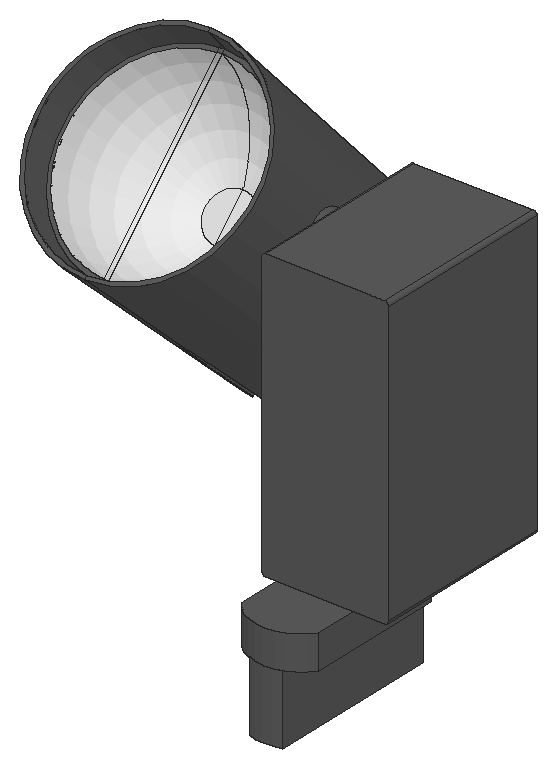
Revit family "0004950 Feilo Sylvania Lighting Fixture START TRACK SPOT S DALI 2087LM 940 WB BLK", category Lighting Fixtures, host Face, Revit 2017
Family settings
  Host = Face
  Round Connector Dimension = Use Diameter
  Part Type = Normal
  OmniClass Number = 23.80.70.00
  OmniClass Title = Lighting
  Cut with Voids When Loaded = No
  Light Source = No
  Shared = No
  Room Calculation Point = No
Parameters (values of type "0004950 START TRACK SPOT S DALI 2087LM 940 WB BLK")
  Weight = "0.966 kg"
  Wattage Comments = ""
  WarrantyStartDate [instance] = "n/a"
  WarrantyGuarantorParts = "n/a"
  WarrantyDurationUnit = "n/a"
  WarrantyDurationParts = "n/a"
  WarrantyDescription = "n/a"
  Voltage = 230 V
  URL = "http://www.sylvania-lighting.com/"
  TypeName = "START TRACK SPOT S DALI 2087LM 940 WB BLK"
  TypeHead_FEILO = Start Track Spot Head : 0004900 START TRACK SPOT S 24W 4K RA90 WB BLACK
  TypeBox_FEILO = Start Track Spot Box : Type Small Black
  Type Image = <None>
  Type Comments = "n/a"
  VerticalRotation_FEILO [instance] = 0.00°
  SlideEndAngle_FEILO [instance] = VerticalRotation_FEILO + 180.00°  # 180.00°
  SerialNumber [instance] = "n/a"
  Material_3_FEILO = none
  PowerFactor = 0.95
  PowerConsumption = "24 W"
  NominalLength = 0 mm
  NominalHeight = 200 mm
  NominalDepth = 140 mm
  Name = "START TRACK SPOT S DALI 2087LM 940 WB BLK"
  ModelReference = Name  # "START TRACK SPOT S DALI 2087LM 940 WB BLK"
  ModelNumber = "0004950"
  Model = Name  # "START TRACK SPOT S DALI 2087LM 940 WB BLK"
  Material = "adc12 aluminium housing, polycarbonate diffuser"
  ManufacturerName = "Feilo Sylvania"
  Manufacturer = "Feilo Sylvania"
  LuminousEfficacy = "87 lm/W"
  LuminaireType = ""
  LightOutputRatio = "100"
  LampsType = Lamp  # "LED"
  LampNominalLuminous = "2087 lm"
  LampMacAdamStep = "3"
  LampColourTemperature = "4000 K"
  LampColourRenderingIndex = "90"
  Lamp = "LED"
  Keynote = "16500"
  InstallationDate [instance] = "n/a"
  InputVoltage = "230-240V~"
  InputNominalFrequency = "50/60 Hz"
  IngressProtection = "IP20"
  ImpactProtectionIndex = "IK02"
  IfcExportType = "IfcLightFixtureType"
  IfcExportAs = "IfcLightFixtureType"
  HorizontalRotation_FEILO [instance] = 45.00°
  ExpectedLife = 50000
  ElectricShockClassification = "Class II"
  DurationUnit = "hours"
  DocumentationLiterature = "http://www.sylvania-lighting.com/product/en-int/products/0004900"
  DimmingControlOptions = "Dimmable"
  Material_2_FEILO = none
  Description = "Integrated LED spotlight, Textured Black - RAL9005, compact and minimalist design, ideal for retail applications, die-cast aluminium body, passive cooling heatsink. Beam angle: 64°, color temperature: 4000K , total system power: 24W, total fixture output: 2087 lm, LOR: 100%, colour rendering: Ra: 90 typical, LED Chromaticity: 3 step MacAdam ellipse, lifetime: >50000 hours at L70B50, energy class: A++, A+, A, IR/UV free light source without heat radiation, operating voltage: 220-240V / 50-60Hz, drive current: 600mA, electronic driver, non-dimmable, power factor: 0.95, electrical protection: Class II, Global Track 3 Phase adapter suitable for Global trac 3-circuit tracks, ingress protection rating: IP20, suitable for internal environment only, horizontal rotation: 355°, vertical tilt: 90°, dimensions: Ø86x140x200, weight: 0.966kg."
  Default Elevation = 1219.2 mm
  CreatedOn = "04/26/2018"
  CreatedBy = ""
  Cost = 0
  built-in parameter 1114216 [instance] = (empty or 0)
  ClassificationValue = "EF_70_80"
  ClassificationName = "Uniclass2015"
  Material_1_FEILO = Body-Sylvania-StartTrackSpot-Black
  BarCode [instance] = "n/a"
  AssetType = "Fixed"
  AssetIdentifier [instance] = "n/a"
  Assembly Code = "D5020200"
  Apparent Load = 24 VA
  Material_4_FEILO = none
Reference planes
  plane 1 "Center (Front/Back)": y = 0
  plane 2: z = 0
  plane 3 "Center (Left/Right)": x = 0
  plane 4: x = 15
  plane 5: x = -15
  plane 6: y = 35
  plane 7: y = -35
  plane 8: z = 13
  plane 9: z = -27
  plane 10: x = 6.5
  plane 11: x = -6.5
  plane 12: y = 27
  plane 13: y = -27
  plane 14: y = 20
Forms (mm)
  Extrusion 1, solid, material "Body-Sylvania-StartTrackSpot-Black" <- "Material_1_FEILO"
    sketch origin (0, 0, 0) x (1, 0, 0) y (0, 1, 0)
      loop
        line (-15, 27) -> (-15, -27)
        arc (-15, -27) -> (0, -35) -> (15, -27) r 18.062
        line (15, -27) -> (15, 27)
        arc (15, 27) -> (0, 35) -> (-15, 27) r 18.062
    from 0 to 13
  Extrusion 2, solid, material "Body-Sylvania-StartTrackSpot-Black" <- "Material_1_FEILO"
    sketch origin (0, 0, 0) x (1, 0, 0) y (0, 1, 0)
      loop
        arc (6.5, 33.79) -> (0, 35) -> (-6.5, 33.79) r 18.062
        line (-6.5, 33.79) -> (-6.5, -33.79)
        arc (-6.5, -33.79) -> (0, -35) -> (6.5, -33.79) r 18.062
        line (6.5, -33.79) -> (6.5, 33.79)
    from 0 to -27
  Revolve 3, solid, not visible
    sketch origin (1524, 20, 1219.2) x (1, 0, 0) y (0, 0, 1)
      loop
        line (-1524, -1206.2) -> (-1524, -1191.285) -> (-1530.5, -1191.285) -> (-1530.5, -1206.2) -> (-1524, -1206.2)
      axis (-1524, -1191.285) -> (-1524, -1206.2)
    angle from 0 <- "VerticalRotation_FEILO" to 180 <- "SlideEndAngle_FEILO"
Cuts and joins
  joined: Extrusion 1, Extrusion 2
Dimensions and locks
  equal spacing: plane 10, plane 3 "Center (Left/Right)", plane 11
  equal spacing: plane 4, plane 3 "Center (Left/Right)", plane 5
  locked: plane 8 to plane 2 at 13
  locked: plane 8 to plane 9 at 40
  equal spacing: plane 13, plane 1 "Center (Front/Back)", plane 12
  locked: plane 12 to plane 6 at 8
  locked: plane 14 to plane 6 at 15
  locked: Revolve 3 sketch curve to plane 8 at 14.915
  aligned and locked: plane 2 to host face
  aligned and locked: level to host face
  aligned and locked: plane 5 to Extrusion 1 sketch curve  (x2)
  aligned and locked: plane 12 to Extrusion 1 sketch curve
  aligned and locked: plane 13 to Extrusion 1 sketch curve
  aligned and locked: plane 4 to Extrusion 1 sketch curve
  aligned and locked: Extrusion 1 to plane 8
  aligned and locked: Extrusion 1 to level
  aligned and locked: Extrusion 2 sketch curve to Extrusion 1  (x2)
  aligned and locked: Extrusion 2 sketch curve to plane 11
  aligned and locked: plane 10 to Extrusion 2 sketch curve
  aligned and locked: plane 9 to Extrusion 2
  aligned and locked: level to Extrusion 2
  aligned and locked: Revolve 3 sketch curve to plane 3 "Center (Left/Right)"  (x2)
  aligned and locked: plane 11 to Revolve 3 sketch curve
  aligned and locked: Revolve 3 sketch curve to plane 8
Automatic sketch dimensions
  host sketch curve to host sketch curve = 2438.4 mm  (x2)
  Extrusion 1 sketch curve to plane 3 "Center (Left/Right)" = 0 mm  (x2)
  Extrusion 1 sketch curve to plane 13 = 10.062 mm
  plane 12 to Extrusion 1 sketch curve = 10.062 mm
  Revolve 3 sketch curve to plane 3 "Center (Left/Right)" = 0 mm
  plane 9 to Revolve 3 sketch curve = 582.6 mm
  Revolve 3 sketch curve to Revolve 3 sketch curve = 2581.144 mm
Nested families
  nested 1: "Start Track Spot Head" at (-62, 20, 112.529) x (0, 0.7071, 0.7071) z (0, 0.7071, -0.7071), type <- "TypeHead_FEILO", type "0004900 START TRACK SPOT S 24W 4K RA90 WB BLACK"
    with built-in parameter 1114216 (empty or 0)
  nested 2: "Start Track Spot Box" at (8.5, 20, 73) x (-1, 0, 0) z (0, -1, 0), BoxStartAngle_FEILO <- "HorizontalRotation_FEILO", type <- "TypeBox_FEILO", type "Type Small Black"
    with BoxStartAngle_FEILO 45.00°, BoxEndAngle_FEILO -135.00°
Connectors
  electrical at (0, 0, 0), driven by "Apparent Load", driven by "PowerFactor", driven by "Voltage"
    settings: index 1, voltage 230 V, apparent load 24 VA, apparent load phase1 0 VA, apparent load phase2 0 VA, apparent load phase3 0 VA, power factor 0.95, load classification "Lighting", number of poles 1, system type 30, power factor state 1, is connector primary yes, connector utility no, sub classification motor no, connector description ""
Definition of nested family "Start Track Spot Head"
  Parameters (values of type "0004811 START TRACK SPOT S 14W 3K RA80 NB WHITE")
    Wattage Comments = "n/a"
    Wattage = 14 W
    built-in parameter 1150110 = 1 (stored number, unit not read)
    URL = "http://www.feilosylvania.com"
    Type Image = (empty or 0)
    Type Comments = "n/a"
    built-in parameter 1114217 = 1 (stored number, unit not read)
    Tilt Angle = -90.00°
    built-in parameter 1150109 = 1 (stored number, unit not read)
    built-in parameter 1150134 = (empty or 0)
    built-in parameter 1150113 = 1 (stored number, unit not read)
    Photometric Web File = "0004811.ies"
    Material_3_FEILO = none
    Model = "START TRACK SPOT S 14W 3K RA80 NB WHITE"
    Manufacturer = "Feilo Sylvania"
    built-in parameter 1150105 = 123.66 (stored number, unit not read)
    Lumens = 1554 lm
    built-in parameter 1150115 = 1 (stored number, unit not read)
    built-in parameter 1150137 = (empty or 0)
    built-in parameter 1150139 = (empty or 0)
    built-in parameter 1150112 = 1 (stored number, unit not read)
    built-in parameter 1150114 = 1 (stored number, unit not read)
    Lamp = "LED"
    Keynote = "16500"
    Material_2_FEILO = none
    built-in parameter 1150132 = (empty or 0)
    built-in parameter 1150102 = (empty or 0)
    built-in parameter 1150107 = 3000 (stored number, unit not read)
    built-in parameter 1150138 = (empty or 0)
    built-in parameter 1150106 = 1.2366 (stored number, unit not read)
    HeadThickness_FEILO = if(HeadDiaOut_FEILO > 112 mm, 2 mm, 1.5 mm)  # 1.5 mm
    HeadRibOffset_FEILO = HeadHeight_FEILO / 28  # 4.179 mm
    HeadRibDepth_FEILO = HeadHeight_FEILO / 2.1  # 55.714 mm
    HeadRibCutWidth_FEILO = HeadDiaOut_FEILO / 12  # 7.167 mm
    HeadRibCutOffset_FEILO = HeadHeight_FEILO / 2.3  # 50.87 mm
    HeadReflectorRadius_FEILO = HeadDiaOut_FEILO / 1.7  # 50.588 mm
    HeadReflectorOffset_FEILO = HeadHeight_FEILO / 2.1  # 55.714 mm
    HeadLEDRadius_FEILO = HeadDiaOut_FEILO / 9  # 9.556 mm
    HeadHeight_FEILO = 117 mm
    HeadDraft_FEILO = 1 mm
    HeadDiffusorThickness_FEILO = 3 mm
    HeadDiffusorOffset_FEILO = HeadHeight_FEILO / 12.4  # 9.435 mm
    HeadDiaOut_FEILO = 86 mm
    HeadDiaIn_FEILO = HeadDiaOut_FEILO / 1.11  # 77.477 mm
    HeadAxisFromTop_FEILO = HeadHeight_FEILO / 1.687  # 69.354 mm
    Emit from Circle Diameter = HeadDiaIn_FEILO  # 77.477 mm
    Emit Shape Visible in Rendering = no
    built-in parameter 1150104 = 10.312 (stored number, unit not read)
    Dimming Lamp Color Temperature Shift = (empty or 0)
    Description = "Integrated LED spotlight, Textured White - RAL9016, compact and minimalist design, ideal for retail applications, die-cast aluminium body, passive cooling heatsink. Beam angle: 12°, color temperature: 3000K , total system power: 14W, total fixture output: 1551 lm, LOR: 100%, colour rendering: Ra: 80 typical, LED Chromaticity: 3 step MacAdam ellipse, lifetime: >50000 hours at L70B50, energy class: A++, A+, A, IR/UV free light source without heat radiation, operating voltage: 220-240V / 50-60Hz, drive current: 350mA, electronic driver, non-dimmable, power factor: 0.92, electrical protection: Class II, Global Track 3 Phase adapter suitable for Global trac 3-circuit tracks, ingress protection rating: IP20, suitable for internal environment only, horizontal rotation: 355°, vertical tilt: 90°, dimensions: Ø86x140x200, weight: 0.940kg."
    Default Elevation = 1219.2 mm
    Cost = 0
    Color Filter = 16777215
    built-in parameter 1114216 [instance] = (empty or 0)
    Material_1_FEILO = none
    built-in parameter 1114218 = 1 (stored number, unit not read)
    built-in parameter 1150133 = 10 (stored number, unit not read)
    Assembly Code = "D5020200"
    Apparent Load = 14 VA
    Material_4_FEILO = none
  Types (96, lengths in mm): name | Wattage | built-in parameter 1150134 | Photometric Web File | Model | built-in parameter 1150105 | Lumens | built-in parameter 1150107 | built-in parameter 1150106 | HeadThickness_FEILO | HeadRibOffset_FEILO | HeadRibDepth_FEILO | HeadRibCutWidth_FEILO | HeadRibCutOffset_FEILO | HeadReflectorRadius_FEILO | HeadReflectorOffset_FEILO | HeadLEDRadius_FEILO | HeadHeight_FEILO | HeadDiffusorOffset_FEILO | HeadDiaOut_FEILO | HeadDiaIn_FEILO | HeadAxisFromTop_FEILO | Emit from Circle Diameter | built-in parameter 1150104 | Description | Apparent Load
    0004906 START TRACK SPOT L 55W 4K RA90 WB BLACK | 55 W | 12 | "0004906.ies" | "START TRACK SPOT L 55W 4K RA90 WB BLACK" | 385.15 (stored number, unit not read) | 4840 lm | 4000 (stored number, unit not read) | 3.8515 (stored number, unit not read) | 2 | 4.429 | 59.048 | 9.417 | 53.913 | 66.471 | 59.048 | 12.556 | 124 | 10 | 113 | 101.802 | 73.503 | 101.802 | 8.1755 (stored number, unit not read) | "Integrated LED spotlight, Textured Black - RAL9005, compact and minimalist design, ideal for retail applications, die-cast aluminium body, passive cooling heatsink. Beam angle: 52°, color temperature: 4000K , total system power: 55W, total fixture output: 4824 lm, LOR: 100%, colour rendering: Ra: 90 typical, LED Chromaticity: 3 step MacAdam ellipse, lifetime: >50000 hours at L70B50, energy class: A++, A+, A, IR/UV free light source without heat radiation, operating voltage: 220-240V / 50-60Hz, drive current: 1400mA, electronic driver, non-dimmable, power factor: 0.96, electrical protection: Class II, Global Track 3 Phase adapter suitable for Global trac 3-circuit tracks, ingress protection rating: IP20, suitable for internal environment only, horizontal rotation: 355°, vertical tilt: 90°, dimensions: Ø113x164x240, weight: 1.398kg." | 55 VA
    0004905 START TRACK SPOT L 55W 4K RA90 MB BLACK | 55 W | 12 | "0004905.ies" | "START TRACK SPOT L 55W 4K RA90 MB BLACK" | 389.53 (stored number, unit not read) | 4895 lm | 4000 (stored number, unit not read) | 3.8953 (stored number, unit not read) | 2 | 4.429 | 59.048 | 9.417 | 53.913 | 66.471 | 59.048 | 12.556 | 124 | 10 | 113 | 101.802 | 73.503 | 101.802 | 8.2684 (stored number, unit not read) | "Integrated LED spotlight, Textured Black - RAL9005, compact and minimalist design, ideal for retail applications, die-cast aluminium body, passive cooling heatsink. Beam angle: 38°, color temperature: 4000K , total system power: 55W, total fixture output: 4897 lm, LOR: 100%, colour rendering: Ra: 90 typical, LED Chromaticity: 3 step MacAdam ellipse, lifetime: >50000 hours at L70B50, energy class: A++, A+, A, IR/UV free light source without heat radiation, operating voltage: 220-240V / 50-60Hz, drive current: 1400mA, electronic driver, non-dimmable, power factor: 0.96, electrical protection: Class II, Global Track 3 Phase adapter suitable for Global trac 3-circuit tracks, ingress protection rating: IP20, suitable for internal environment only, horizontal rotation: 355°, vertical tilt: 90°, dimensions: Ø113x164x240, weight: 1.398kg." | 55 VA
    0004904 START TRACK SPOT L 55W 4K RA90 NB BLACK | 55 W | 12 | "0004904.ies" | "START TRACK SPOT L 55W 4K RA90 NB BLACK" | 393.91 (stored number, unit not read) | 4950 lm | 4000 (stored number, unit not read) | 3.9391 (stored number, unit not read) | 2 | 4.429 | 59.048 | 9.417 | 53.913 | 66.471 | 59.048 | 12.556 | 124 | 10 | 113 | 101.802 | 73.503 | 101.802 | 8.3613 (stored number, unit not read) | "Integrated LED spotlight, Textured Black - RAL9005, compact and minimalist design, ideal for retail applications, die-cast aluminium body, passive cooling heatsink. Beam angle: 15°, color temperature: 4000K , total system power: 55W, total fixture output: 4965 lm, LOR: 100%, colour rendering: Ra: 90 typical, LED Chromaticity: 3 step MacAdam ellipse, lifetime: >50000 hours at L70B50, energy class: A++, A+, A, IR/UV free light source without heat radiation, operating voltage: 220-240V / 50-60Hz, drive current: 1400mA, electronic driver, non-dimmable, power factor: 0.96, electrical protection: Class II, Global Track 3 Phase adapter suitable for Global trac 3-circuit tracks, ingress protection rating: IP20, suitable for internal environment only, horizontal rotation: 355°, vertical tilt: 90°, dimensions: Ø113x164x240, weight: 1.398kg." | 55 VA
    0004903 START TRACK SPOT L 35W 4K RA90 WB BLACK | 35 W | 12 | "0004903.ies" | "START TRACK SPOT L 35W 4K RA90 WB BLACK" | 284.09 (stored number, unit not read) | 3570 lm | 4000 (stored number, unit not read) | 2.8409 (stored number, unit not read) | 2 | 4.429 | 59.048 | 9.417 | 53.913 | 66.471 | 59.048 | 12.556 | 124 | 10 | 113 | 101.802 | 73.503 | 101.802 | 9.4761 (stored number, unit not read) | "Integrated LED spotlight, Textured Black - RAL9005, compact and minimalist design, ideal for retail applications, die-cast aluminium body, passive cooling heatsink. Beam angle: 52°, color temperature: 4000K , total system power: 35W, total fixture output: 3562 lm, LOR: 100%, colour rendering: Ra: 90 typical, LED Chromaticity: 3 step MacAdam ellipse, lifetime: >50000 hours at L70B50, energy class: A++, A+, A, IR/UV free light source without heat radiation, operating voltage: 220-240V / 50-60Hz, drive current: 900mA, electronic driver, non-dimmable, power factor: 0.93, electrical protection: Class II, Global Track 3 Phase adapter suitable for Global trac 3-circuit tracks, ingress protection rating: IP20, suitable for internal environment only, horizontal rotation: 355°, vertical tilt: 90°, dimensions: Ø113x164x240, weight: 1.368kg." | 35 VA
    0004902 START TRACK SPOT L 35W 4K RA90 MB BLACK | 35 W | 12 | "0004902.ies" | "START TRACK SPOT L 35W 4K RA90 MB BLACK" | 286.88 (stored number, unit not read) | 3605 lm | 4000 (stored number, unit not read) | 2.8688 (stored number, unit not read) | 2 | 4.429 | 59.048 | 9.417 | 53.913 | 66.471 | 59.048 | 12.556 | 124 | 10 | 113 | 101.802 | 73.503 | 101.802 | 9.569 (stored number, unit not read) | "Integrated LED spotlight, Textured Black - RAL9005, compact and minimalist design, ideal for retail applications, die-cast aluminium body, passive cooling heatsink. Beam angle: 38°, color temperature: 4000K , total system power: 35W, total fixture output: 3616 lm, LOR: 100%, colour rendering: Ra: 90 typical, LED Chromaticity: 3 step MacAdam ellipse, lifetime: >50000 hours at L70B50, energy class: A++, A+, A, IR/UV free light source without heat radiation, operating voltage: 220-240V / 50-60Hz, drive current: 900mA, electronic driver, non-dimmable, power factor: 0.93, electrical protection: Class II, Global Track 3 Phase adapter suitable for Global trac 3-circuit tracks, ingress protection rating: IP20, suitable for internal environment only, horizontal rotation: 355°, vertical tilt: 90°, dimensions: Ø113x164x240, weight: 1.368kg." | 35 VA
    0004901 START TRACK SPOT L 35W 4K RA90 NB BLACK | 35 W | 12 | "0004901.ies" | "START TRACK SPOT L 35W 4K RA90 NB BLACK" | 286.88 (stored number, unit not read) | 3605 lm | 4000 (stored number, unit not read) | 2.8688 (stored number, unit not read) | 2 | 4.429 | 59.048 | 9.417 | 53.913 | 66.471 | 59.048 | 12.556 | 124 | 10 | 113 | 101.802 | 73.503 | 101.802 | 9.569 (stored number, unit not read) | "Integrated LED spotlight, Textured Black - RAL9005, compact and minimalist design, ideal for retail applications, die-cast aluminium body, passive cooling heatsink. Beam angle: 15°, color temperature: 4000K , total system power: 35W, total fixture output: 3593 lm, LOR: 100%, colour rendering: Ra: 90 typical, LED Chromaticity: 3 step MacAdam ellipse, lifetime: >50000 hours at L70B50, energy class: A++, A+, A, IR/UV free light source without heat radiation, operating voltage: 220-240V / 50-60Hz, drive current: 900mA, electronic driver, non-dimmable, power factor: 0.93, electrical protection: Class II, Global Track 3 Phase adapter suitable for Global trac 3-circuit tracks, ingress protection rating: IP20, suitable for internal environment only, horizontal rotation: 355°, vertical tilt: 90°, dimensions: Ø113x164x240, weight: 1.368kg." | 35 VA
    0004900 START TRACK SPOT S 24W 4K RA90 WB BLACK | 24 W | 12 | "0004900.ies" | "START TRACK SPOT S 24W 4K RA90 WB BLACK" | 166.16 (stored number, unit not read) | 2088 lm | 4000 (stored number, unit not read) | 1.6616 (stored number, unit not read) | 1.5 | 4.179 | 55.714 | 7.167 | 50.87 | 50.588 | 55.714 | 9.556 | 117 | 9.435 | 86 | 77.477 | 69.354 | 77.477 | 8.0826 (stored number, unit not read) | "Integrated LED spotlight, Textured Black - RAL9005, compact and minimalist design, ideal for retail applications, die-cast aluminium body, passive cooling heatsink. Beam angle: 64°, color temperature: 4000K , total system power: 24W, total fixture output: 2087 lm, LOR: 100%, colour rendering: Ra: 90 typical, LED Chromaticity: 3 step MacAdam ellipse, lifetime: >50000 hours at L70B50, energy class: A++, A+, A, IR/UV free light source without heat radiation, operating voltage: 220-240V / 50-60Hz, drive current: 600mA, electronic driver, non-dimmable, power factor: 0.95, electrical protection: Class II, Global Track 3 Phase adapter suitable for Global trac 3-circuit tracks, ingress protection rating: IP20, suitable for internal environment only, horizontal rotation: 355°, vertical tilt: 90°, dimensions: Ø86x140x200, weight: 0.966kg." | 24 VA
    0004899 START TRACK SPOT S 24W 4K RA90 MB BLACK | 24 W | 12 | "0004899.ies" | "START TRACK SPOT S 24W 4K RA90 MB BLACK" | 169.98 (stored number, unit not read) | 2136 lm | 4000 (stored number, unit not read) | 1.6998 (stored number, unit not read) | 1.5 | 4.179 | 55.714 | 7.167 | 50.87 | 50.588 | 55.714 | 9.556 | 117 | 9.435 | 86 | 77.477 | 69.354 | 77.477 | 8.2684 (stored number, unit not read) | "Integrated LED spotlight, Textured Black - RAL9005, compact and minimalist design, ideal for retail applications, die-cast aluminium body, passive cooling heatsink. Beam angle: 36°, color temperature: 4000K , total system power: 24W, total fixture output: 2141 lm, LOR: 100%, colour rendering: Ra: 90 typical, LED Chromaticity: 3 step MacAdam ellipse, lifetime: >50000 hours at L70B50, energy class: A++, A+, A, IR/UV free light source without heat radiation, operating voltage: 220-240V / 50-60Hz, drive current: 600mA, electronic driver, non-dimmable, power factor: 0.95, electrical protection: Class II, Global Track 3 Phase adapter suitable for Global trac 3-circuit tracks, ingress protection rating: IP20, suitable for internal environment only, horizontal rotation: 355°, vertical tilt: 90°, dimensions: Ø86x140x200, weight: 0.966kg." | 24 VA
    0004898 START TRACK SPOT S 24W 4K RA90 NB BLACK | 24 W | 12 | "0004898.ies" | "START TRACK SPOT S 24W 4K RA90 NB BLACK" | 171.89 (stored number, unit not read) | 2160 lm | 4000 (stored number, unit not read) | 1.7189 (stored number, unit not read) | 1.5 | 4.179 | 55.714 | 7.167 | 50.87 | 50.588 | 55.714 | 9.556 | 117 | 9.435 | 86 | 77.477 | 69.354 | 77.477 | 8.3613 (stored number, unit not read) | "Integrated LED spotlight, Textured Black - RAL9005, compact and minimalist design, ideal for retail applications, die-cast aluminium body, passive cooling heatsink. Beam angle: 12°, color temperature: 4000K , total system power: 24W, total fixture output: 2155 lm, LOR: 100%, colour rendering: Ra: 90 typical, LED Chromaticity: 3 step MacAdam ellipse, lifetime: >50000 hours at L70B50, energy class: A++, A+, A, IR/UV free light source without heat radiation, operating voltage: 220-240V / 50-60Hz, drive current: 600mA, electronic driver, non-dimmable, power factor: 0.95, electrical protection: Class II, Global Track 3 Phase adapter suitable for Global trac 3-circuit tracks, ingress protection rating: IP20, suitable for internal environment only, horizontal rotation: 355°, vertical tilt: 90°, dimensions: Ø86x140x200, weight: 0.966kg." | 24 VA
    0004897 START TRACK SPOT S 14W 4K RA90 WB BLACK | 14 W | 12 | "0004897.ies" | "START TRACK SPOT S 14W 4K RA90 WB BLACK" | 108.07 (stored number, unit not read) | 1358 lm | 4000 (stored number, unit not read) | 1.0807 (stored number, unit not read) | 1.5 | 4.179 | 55.714 | 7.167 | 50.87 | 50.588 | 55.714 | 9.556 | 117 | 9.435 | 86 | 77.477 | 69.354 | 77.477 | 9.0116 (stored number, unit not read) | "Integrated LED spotlight, Textured Black - RAL9005, compact and minimalist design, ideal for retail applications, die-cast aluminium body, passive cooling heatsink. Beam angle: 64°, color temperature: 4000K , total system power: 14W, total fixture output: 1352 lm, LOR: 100%, colour rendering: Ra: 90 typical, LED Chromaticity: 3 step MacAdam ellipse, lifetime: >50000 hours at L70B50, energy class: A++, A+, A, IR/UV free light source without heat radiation, operating voltage: 220-240V / 50-60Hz, drive current: 350mA, electronic driver, non-dimmable, power factor: 0.92, electrical protection: Class II, Global Track 3 Phase adapter suitable for Global trac 3-circuit tracks, ingress protection rating: IP20, suitable for internal environment only, horizontal rotation: 355°, vertical tilt: 90°, dimensions: Ø86x140x200, weight: 0.940kg." | 14 VA
    0004896 START TRACK SPOT S 14W 4K RA90 MB BLACK | 14 W | 12 | "0004896.ies" | "START TRACK SPOT S 14W 4K RA90 MB BLACK" | 108.07 (stored number, unit not read) | 1358 lm | 4000 (stored number, unit not read) | 1.0807 (stored number, unit not read) | 1.5 | 4.179 | 55.714 | 7.167 | 50.87 | 50.588 | 55.714 | 9.556 | 117 | 9.435 | 86 | 77.477 | 69.354 | 77.477 | 9.0116 (stored number, unit not read) | "Integrated LED spotlight, Textured Black - RAL9005, compact and minimalist design, ideal for retail applications, die-cast aluminium body, passive cooling heatsink. Beam angle: 36°, color temperature: 4000K , total system power: 14W, total fixture output: 1359 lm, LOR: 100%, colour rendering: Ra: 90 typical, LED Chromaticity: 3 step MacAdam ellipse, lifetime: >50000 hours at L70B50, energy class: A++, A+, A, IR/UV free light source without heat radiation, operating voltage: 220-240V / 50-60Hz, drive current: 350mA, electronic driver, non-dimmable, power factor: 0.92, electrical protection: Class II, Global Track 3 Phase adapter suitable for Global trac 3-circuit tracks, ingress protection rating: IP20, suitable for internal environment only, horizontal rotation: 355°, vertical tilt: 90°, dimensions: Ø86x140x200, weight: 0.940kg." | 14 VA
    0004895 START TRACK SPOT S 14W 4K RA90 NB BLACK | 14 W | 12 | "0004895.ies" | "START TRACK SPOT S 14W 4K RA90 NB BLACK" | 106.95 (stored number, unit not read) | 1344 lm | 4000 (stored number, unit not read) | 1.0695 (stored number, unit not read) | 1.5 | 4.179 | 55.714 | 7.167 | 50.87 | 50.588 | 55.714 | 9.556 | 117 | 9.435 | 86 | 77.477 | 69.354 | 77.477 | 8.9187 (stored number, unit not read) | "Integrated LED spotlight, Textured Black - RAL9005, compact and minimalist design, ideal for retail applications, die-cast aluminium body, passive cooling heatsink. Beam angle: 12°, color temperature: 4000K , total system power: 14W, total fixture output: 1349 lm, LOR: 100%, colour rendering: Ra: 90 typical, LED Chromaticity: 3 step MacAdam ellipse, lifetime: >50000 hours at L70B50, energy class: A++, A+, A, IR/UV free light source without heat radiation, operating voltage: 220-240V / 50-60Hz, drive current: 350mA, electronic driver, non-dimmable, power factor: 0.92, electrical protection: Class II, Global Track 3 Phase adapter suitable for Global trac 3-circuit tracks, ingress protection rating: IP20, suitable for internal environment only, horizontal rotation: 355°, vertical tilt: 90°, dimensions: Ø86x140x200, weight: 0.940kg." | 14 VA
    0004894 START TRACK SPOT L 55W 3K RA90 WB BLACK | 55 W | (empty or 0) | "0004894.ies" | "START TRACK SPOT L 55W 3K RA90 WB BLACK" | 350.14 (stored number, unit not read) | 4400 lm | 3000 (stored number, unit not read) | 3.5014 (stored number, unit not read) | 2 | 4.429 | 59.048 | 9.417 | 53.913 | 66.471 | 59.048 | 12.556 | 124 | 10 | 113 | 101.802 | 73.503 | 101.802 | 7.4322 (stored number, unit not read) | "Integrated LED spotlight, Textured Black - RAL9005, compact and minimalist design, ideal for retail applications, die-cast aluminium body, passive cooling heatsink. Beam angle: 52°, color temperature: 3000K , total system power: 55W, total fixture output: 4405 lm, LOR: 100%, colour rendering: Ra: 90 typical, LED Chromaticity: 3 step MacAdam ellipse, lifetime: >50000 hours at L70B50, energy class: A++, A+, A, IR/UV free light source without heat radiation, operating voltage: 220-240V / 50-60Hz, drive current: 1400mA, electronic driver, non-dimmable, power factor: 0.96, electrical protection: Class II, Global Track 3 Phase adapter suitable for Global trac 3-circuit tracks, ingress protection rating: IP20, suitable for internal environment only, horizontal rotation: 355°, vertical tilt: 90°, dimensions: Ø113x164x240, weight: 1.398kg." | 55 VA
    0004893 START TRACK SPOT L 55W 3K RA90 MB BLACK | 55 W | (empty or 0) | "0004893.ies" | "START TRACK SPOT L 55W 3K RA90 MB BLACK" | 354.52 (stored number, unit not read) | 4455 lm | 3000 (stored number, unit not read) | 3.5452 (stored number, unit not read) | 2 | 4.429 | 59.048 | 9.417 | 53.913 | 66.471 | 59.048 | 12.556 | 124 | 10 | 113 | 101.802 | 73.503 | 101.802 | 7.5251 (stored number, unit not read) | "Integrated LED spotlight, Textured Black - RAL9005, compact and minimalist design, ideal for retail applications, die-cast aluminium body, passive cooling heatsink. Beam angle: 38°, color temperature: 3000K , total system power: 55W, total fixture output: 4448 lm, LOR: 100%, colour rendering: Ra: 90 typical, LED Chromaticity: 3 step MacAdam ellipse, lifetime: >50000 hours at L70B50, energy class: A++, A+, A, IR/UV free light source without heat radiation, operating voltage: 220-240V / 50-60Hz, drive current: 1400mA, electronic driver, non-dimmable, power factor: 0.96, electrical protection: Class II, Global Track 3 Phase adapter suitable for Global trac 3-circuit tracks, ingress protection rating: IP20, suitable for internal environment only, horizontal rotation: 355°, vertical tilt: 90°, dimensions: Ø113x164x240, weight: 1.398kg." | 55 VA
    0004892 START TRACK SPOT L 55W 3K RA90 NB BLACK | 55 W | (empty or 0) | "0004892.ies" | "START TRACK SPOT L 55W 3K RA90 NB BLACK" | 350.14 (stored number, unit not read) | 4400 lm | 3000 (stored number, unit not read) | 3.5014 (stored number, unit not read) | 2 | 4.429 | 59.048 | 9.417 | 53.913 | 66.471 | 59.048 | 12.556 | 124 | 10 | 113 | 101.802 | 73.503 | 101.802 | 7.4322 (stored number, unit not read) | "Integrated LED spotlight, Textured Black - RAL9005, compact and minimalist design, ideal for retail applications, die-cast aluminium body, passive cooling heatsink. Beam angle: 15°, color temperature: 3000K , total system power: 55W, total fixture output: 4416 lm, LOR: 100%, colour rendering: Ra: 90 typical, LED Chromaticity: 3 step MacAdam ellipse, lifetime: >50000 hours at L70B50, energy class: A++, A+, A, IR/UV free light source without heat radiation, operating voltage: 220-240V / 50-60Hz, drive current: 1400mA, electronic driver, non-dimmable, power factor: 0.96, electrical protection: Class II, Global Track 3 Phase adapter suitable for Global trac 3-circuit tracks, ingress protection rating: IP20, suitable for internal environment only, horizontal rotation: 355°, vertical tilt: 90°, dimensions: Ø113x164x240, weight: 1.398kg." | 55 VA
    0004891 START TRACK SPOT L 35W 3K RA90 WB BLACK | 35 W | (empty or 0) | "0004891.ies" | "START TRACK SPOT L 35W 3K RA90 WB BLACK" | 259.02 (stored number, unit not read) | 3255 lm | 3000 (stored number, unit not read) | 2.5902 (stored number, unit not read) | 2 | 4.429 | 59.048 | 9.417 | 53.913 | 66.471 | 59.048 | 12.556 | 124 | 10 | 113 | 101.802 | 73.503 | 101.802 | 8.64 (stored number, unit not read) | "Integrated LED spotlight, Textured Black - RAL9005, compact and minimalist design, ideal for retail applications, die-cast aluminium body, passive cooling heatsink. Beam angle: 52°, color temperature: 3000K , total system power: 35W, total fixture output: 3260 lm, LOR: 100%, colour rendering: Ra: 90 typical, LED Chromaticity: 3 step MacAdam ellipse, lifetime: >50000 hours at L70B50, energy class: A++, A+, A, IR/UV free light source without heat radiation, operating voltage: 220-240V / 50-60Hz, drive current: 900mA, electronic driver, non-dimmable, power factor: 0.93, electrical protection: Class II, Global Track 3 Phase adapter suitable for Global trac 3-circuit tracks, ingress protection rating: IP20, suitable for internal environment only, horizontal rotation: 355°, vertical tilt: 90°, dimensions: Ø113x164x240, weight: 1.368kg." | 35 VA
    0004890 START TRACK SPOT L 35W 3K RA90 MB BLACK | 35 W | (empty or 0) | "0004890.ies" | "START TRACK SPOT L 35W 3K RA90 MB BLACK" | 261.81 (stored number, unit not read) | 3290 lm | 3000 (stored number, unit not read) | 2.6181 (stored number, unit not read) | 2 | 4.429 | 59.048 | 9.417 | 53.913 | 66.471 | 59.048 | 12.556 | 124 | 10 | 113 | 101.802 | 73.503 | 101.802 | 8.7329 (stored number, unit not read) | "Integrated LED spotlight, Textured Black - RAL9005, compact and minimalist design, ideal for retail applications, die-cast aluminium body, passive cooling heatsink. Beam angle: 38°, color temperature: 3000K , total system power: 35W, total fixture output: 3306 lm, LOR: 100%, colour rendering: Ra: 90 typical, LED Chromaticity: 3 step MacAdam ellipse, lifetime: >50000 hours at L70B50, energy class: A++, A+, A, IR/UV free light source without heat radiation, operating voltage: 220-240V / 50-60Hz, drive current: 900mA, electronic driver, non-dimmable, power factor: 0.93, electrical protection: Class II, Global Track 3 Phase adapter suitable for Global trac 3-circuit tracks, ingress protection rating: IP20, suitable for internal environment only, horizontal rotation: 355°, vertical tilt: 90°, dimensions: Ø113x164x240, weight: 1.368kg." | 35 VA
    0004889 START TRACK SPOT L 35W 3K RA90 NB BLACK | 35 W | (empty or 0) | "0004889.ies" | "START TRACK SPOT L 35W 3K RA90 NB BLACK" | 261.81 (stored number, unit not read) | 3290 lm | 3000 (stored number, unit not read) | 2.6181 (stored number, unit not read) | 2 | 4.429 | 59.048 | 9.417 | 53.913 | 66.471 | 59.048 | 12.556 | 124 | 10 | 113 | 101.802 | 73.503 | 101.802 | 8.7329 (stored number, unit not read) | "Integrated LED spotlight, Textured Black - RAL9005, compact and minimalist design, ideal for retail applications, die-cast aluminium body, passive cooling heatsink. Beam angle: 15°, color temperature: 3000K , total system power: 35W, total fixture output: 3287 lm, LOR: 100%, colour rendering: Ra: 90 typical, LED Chromaticity: 3 step MacAdam ellipse, lifetime: >50000 hours at L70B50, energy class: A++, A+, A, IR/UV free light source without heat radiation, operating voltage: 220-240V / 50-60Hz, drive current: 900mA, electronic driver, non-dimmable, power factor: 0.93, electrical protection: Class II, Global Track 3 Phase adapter suitable for Global trac 3-circuit tracks, ingress protection rating: IP20, suitable for internal environment only, horizontal rotation: 355°, vertical tilt: 90°, dimensions: Ø113x164x240, weight: 1.368kg." | 35 VA
    0004888 START TRACK SPOT S 24W 3K RA90 WB BLACK | 24 W | (empty or 0) | "0004888.ies" | "START TRACK SPOT S 24W 3K RA90 WB BLACK" | 152.79 (stored number, unit not read) | 1920 lm | 3000 (stored number, unit not read) | 1.5279 (stored number, unit not read) | 1.5 | 4.179 | 55.714 | 7.167 | 50.87 | 50.588 | 55.714 | 9.556 | 117 | 9.435 | 86 | 77.477 | 69.354 | 77.477 | 7.4322 (stored number, unit not read) | "Integrated LED spotlight, Textured Black - RAL9005, compact and minimalist design, ideal for retail applications, die-cast aluminium body, passive cooling heatsink. Beam angle: 64°, color temperature: 3000K , total system power: 24W, total fixture output: 1928 lm, LOR: 100%, colour rendering: Ra: 90 typical, LED Chromaticity: 3 step MacAdam ellipse, lifetime: >50000 hours at L70B50, energy class: A++, A+, A, IR/UV free light source without heat radiation, operating voltage: 220-240V / 50-60Hz, drive current: 600mA, electronic driver, non-dimmable, power factor: 0.95, electrical protection: Class II, Global Track 3 Phase adapter suitable for Global trac 3-circuit tracks, ingress protection rating: IP20, suitable for internal environment only, horizontal rotation: 355°, vertical tilt: 90°, dimensions: Ø86x140x200, weight: 0.966kg." | 24 VA
    0004887 START TRACK SPOT S 24W 3K RA90 MB BLACK | 24 W | (empty or 0) | "0004887.ies" | "START TRACK SPOT S 24W 3K RA90 MB BLACK" | 154.7 (stored number, unit not read) | 1944 lm | 3000 (stored number, unit not read) | 1.547 (stored number, unit not read) | 1.5 | 4.179 | 55.714 | 7.167 | 50.87 | 50.588 | 55.714 | 9.556 | 117 | 9.435 | 86 | 77.477 | 69.354 | 77.477 | 7.5251 (stored number, unit not read) | "Integrated LED spotlight, Textured Black - RAL9005, compact and minimalist design, ideal for retail applications, die-cast aluminium body, passive cooling heatsink. Beam angle: 36°, color temperature: 3000K , total system power: 24W, total fixture output: 1944 lm, LOR: 100%, colour rendering: Ra: 90 typical, LED Chromaticity: 3 step MacAdam ellipse, lifetime: >50000 hours at L70B50, energy class: A++, A+, A, IR/UV free light source without heat radiation, operating voltage: 220-240V / 50-60Hz, drive current: 600mA, electronic driver, non-dimmable, power factor: 0.95, electrical protection: Class II, Global Track 3 Phase adapter suitable for Global trac 3-circuit tracks, ingress protection rating: IP20, suitable for internal environment only, horizontal rotation: 355°, vertical tilt: 90°, dimensions: Ø86x140x200, weight: 0.966kg." | 24 VA
    0004886 START TRACK SPOT S 24W 3K RA90 NB BLACK | 24 W | (empty or 0) | "0004886.ies" | "START TRACK SPOT S 24W 3K RA90 NB BLACK" | 158.52 (stored number, unit not read) | 1992 lm | 3000 (stored number, unit not read) | 1.5852 (stored number, unit not read) | 1.5 | 4.179 | 55.714 | 7.167 | 50.87 | 50.588 | 55.714 | 9.556 | 117 | 9.435 | 86 | 77.477 | 69.354 | 77.477 | 7.711 (stored number, unit not read) | "Integrated LED spotlight, Textured Black - RAL9005, compact and minimalist design, ideal for retail applications, die-cast aluminium body, passive cooling heatsink. Beam angle: 12°, color temperature: 3000K , total system power: 24W, total fixture output: 1987 lm, LOR: 100%, colour rendering: Ra: 90 typical, LED Chromaticity: 3 step MacAdam ellipse, lifetime: >50000 hours at L70B50, energy class: A++, A+, A, IR/UV free light source without heat radiation, operating voltage: 220-240V / 50-60Hz, drive current: 600mA, electronic driver, non-dimmable, power factor: 0.95, electrical protection: Class II, Global Track 3 Phase adapter suitable for Global trac 3-circuit tracks, ingress protection rating: IP20, suitable for internal environment only, horizontal rotation: 355°, vertical tilt: 90°, dimensions: Ø86x140x200, weight: 0.966kg." | 24 VA
    0004885 START TRACK SPOT S 14W 3K RA90 WB BLACK | 14 W | (empty or 0) | "0004885.ies" | "START TRACK SPOT S 14W 3K RA90 WB BLACK" | 100.27 (stored number, unit not read) | 1260 lm | 3000 (stored number, unit not read) | 1.0027 (stored number, unit not read) | 1.5 | 4.179 | 55.714 | 7.167 | 50.87 | 50.588 | 55.714 | 9.556 | 117 | 9.435 | 86 | 77.477 | 69.354 | 77.477 | 8.3613 (stored number, unit not read) | "Integrated LED spotlight, Textured Black - RAL9005, compact and minimalist design, ideal for retail applications, die-cast aluminium body, passive cooling heatsink. Beam angle: 64°, color temperature: 3000K , total system power: 14W, total fixture output: 1262 lm, LOR: 100%, colour rendering: Ra: 90 typical, LED Chromaticity: 3 step MacAdam ellipse, lifetime: >50000 hours at L70B50, energy class: A++, A+, A, IR/UV free light source without heat radiation, operating voltage: 220-240V / 50-60Hz, drive current: 350mA, electronic driver, non-dimmable, power factor: 0.92, electrical protection: Class II, Global Track 3 Phase adapter suitable for Global trac 3-circuit tracks, ingress protection rating: IP20, suitable for internal environment only, horizontal rotation: 355°, vertical tilt: 90°, dimensions: Ø86x140x200, weight: 0.940kg." | 14 VA
    0004884 START TRACK SPOT S 14W 3K RA90 MB BLACK | 14 W | (empty or 0) | "0004884.ies" | "START TRACK SPOT S 14W 3K RA90 MB BLACK" | 100.27 (stored number, unit not read) | 1260 lm | 3000 (stored number, unit not read) | 1.0027 (stored number, unit not read) | 1.5 | 4.179 | 55.714 | 7.167 | 50.87 | 50.588 | 55.714 | 9.556 | 117 | 9.435 | 86 | 77.477 | 69.354 | 77.477 | 8.3613 (stored number, unit not read) | "Integrated LED spotlight, Textured Black - RAL9005, compact and minimalist design, ideal for retail applications, die-cast aluminium body, passive cooling heatsink. Beam angle: 36°, color temperature: 3000K , total system power: 14W, total fixture output: 1262 lm, LOR: 100%, colour rendering: Ra: 90 typical, LED Chromaticity: 3 step MacAdam ellipse, lifetime: >50000 hours at L70B50, energy class: A++, A+, A, IR/UV free light source without heat radiation, operating voltage: 220-240V / 50-60Hz, drive current: 350mA, electronic driver, non-dimmable, power factor: 0.92, electrical protection: Class II, Global Track 3 Phase adapter suitable for Global trac 3-circuit tracks, ingress protection rating: IP20, suitable for internal environment only, horizontal rotation: 355°, vertical tilt: 90°, dimensions: Ø86x140x200, weight: 0.940kg." | 14 VA
    0004883 START TRACK SPOT S 14W 3K RA90 NB BLACK | 14 W | (empty or 0) | "0004883.ies" | "START TRACK SPOT S 14W 3K RA90 NB BLACK" | 102.5 (stored number, unit not read) | 1288 lm | 3000 (stored number, unit not read) | 1.025 (stored number, unit not read) | 1.5 | 4.179 | 55.714 | 7.167 | 50.87 | 50.588 | 55.714 | 9.556 | 117 | 9.435 | 86 | 77.477 | 69.354 | 77.477 | 8.5471 (stored number, unit not read) | "Integrated LED spotlight, Textured Black - RAL9005, compact and minimalist design, ideal for retail applications, die-cast aluminium body, passive cooling heatsink. Beam angle: 12°, color temperature: 3000K , total system power: 14W, total fixture output: 1284 lm, LOR: 100%, colour rendering: Ra: 90 typical, LED Chromaticity: 3 step MacAdam ellipse, lifetime: >50000 hours at L70B50, energy class: A++, A+, A, IR/UV free light source without heat radiation, operating voltage: 220-240V / 50-60Hz, drive current: 350mA, electronic driver, non-dimmable, power factor: 0.92, electrical protection: Class II, Global Track 3 Phase adapter suitable for Global trac 3-circuit tracks, ingress protection rating: IP20, suitable for internal environment only, horizontal rotation: 355°, vertical tilt: 90°, dimensions: Ø86x140x200, weight: 0.940kg." | 14 VA
    0004882 START TRACK SPOT L 55W 4K RA90 WB WHITE | 55 W | 12 | "0004882.ies" | "START TRACK SPOT L 55W 4K RA90 WB WHITE" | 385.15 (stored number, unit not read) | 4840 lm | 4000 (stored number, unit not read) | 3.8515 (stored number, unit not read) | 2 | 4.429 | 59.048 | 9.417 | 53.913 | 66.471 | 59.048 | 12.556 | 124 | 10 | 113 | 101.802 | 73.503 | 101.802 | 8.1755 (stored number, unit not read) | "Integrated LED spotlight, Textured White - RAL9016, compact and minimalist design, ideal for retail applications, die-cast aluminium body, passive cooling heatsink. Beam angle: 52°, color temperature: 4000K , total system power: 55W, total fixture output: 4824 lm, LOR: 100%, colour rendering: Ra: 90 typical, LED Chromaticity: 3 step MacAdam ellipse, lifetime: >50000 hours at L70B50, energy class: A++, A+, A, IR/UV free light source without heat radiation, operating voltage: 220-240V / 50-60Hz, drive current: 1400mA, electronic driver, non-dimmable, power factor: 0.96, electrical protection: Class II, Global Track 3 Phase adapter suitable for Global trac 3-circuit tracks, ingress protection rating: IP20, suitable for internal environment only, horizontal rotation: 355°, vertical tilt: 90°, dimensions: Ø113x164x240, weight: 1.398kg." | 55 VA
    0004881 START TRACK SPOT L 55W 4K RA90 MB WHITE | 55 W | 12 | "0004881.ies" | "START TRACK SPOT L 55W 4K RA90 MB WHITE" | 389.53 (stored number, unit not read) | 4895 lm | 4000 (stored number, unit not read) | 3.8953 (stored number, unit not read) | 2 | 4.429 | 59.048 | 9.417 | 53.913 | 66.471 | 59.048 | 12.556 | 124 | 10 | 113 | 101.802 | 73.503 | 101.802 | 8.2684 (stored number, unit not read) | "Integrated LED spotlight, Textured White - RAL9016, compact and minimalist design, ideal for retail applications, die-cast aluminium body, passive cooling heatsink. Beam angle: 38°, color temperature: 4000K , total system power: 55W, total fixture output: 4897 lm, LOR: 100%, colour rendering: Ra: 90 typical, LED Chromaticity: 3 step MacAdam ellipse, lifetime: >50000 hours at L70B50, energy class: A++, A+, A, IR/UV free light source without heat radiation, operating voltage: 220-240V / 50-60Hz, drive current: 1400mA, electronic driver, non-dimmable, power factor: 0.96, electrical protection: Class II, Global Track 3 Phase adapter suitable for Global trac 3-circuit tracks, ingress protection rating: IP20, suitable for internal environment only, horizontal rotation: 355°, vertical tilt: 90°, dimensions: Ø113x164x240, weight: 1.398kg." | 55 VA
    0004880 START TRACK SPOT L 55W 4K RA90 NB WHITE | 55 W | 12 | "0004880.ies" | "START TRACK SPOT L 55W 4K RA90 NB WHITE" | 393.91 (stored number, unit not read) | 4950 lm | 4000 (stored number, unit not read) | 3.9391 (stored number, unit not read) | 2 | 4.429 | 59.048 | 9.417 | 53.913 | 66.471 | 59.048 | 12.556 | 124 | 10 | 113 | 101.802 | 73.503 | 101.802 | 8.3613 (stored number, unit not read) | "Integrated LED spotlight, Textured White - RAL9016, compact and minimalist design, ideal for retail applications, die-cast aluminium body, passive cooling heatsink. Beam angle: 15°, color temperature: 4000K , total system power: 55W, total fixture output: 4965 lm, LOR: 100%, colour rendering: Ra: 90 typical, LED Chromaticity: 3 step MacAdam ellipse, lifetime: >50000 hours at L70B50, energy class: A++, A+, A, IR/UV free light source without heat radiation, operating voltage: 220-240V / 50-60Hz, drive current: 1400mA, electronic driver, non-dimmable, power factor: 0.96, electrical protection: Class II, Global Track 3 Phase adapter suitable for Global trac 3-circuit tracks, ingress protection rating: IP20, suitable for internal environment only, horizontal rotation: 355°, vertical tilt: 90°, dimensions: Ø113x164x240, weight: 1.398kg." | 55 VA
    0004879 START TRACK SPOT L 35W 4K RA90 WB WHITE | 35 W | 12 | "0004879.ies" | "START TRACK SPOT L 35W 4K RA90 WB WHITE" | 284.09 (stored number, unit not read) | 3570 lm | 4000 (stored number, unit not read) | 2.8409 (stored number, unit not read) | 2 | 4.429 | 59.048 | 9.417 | 53.913 | 66.471 | 59.048 | 12.556 | 124 | 10 | 113 | 101.802 | 73.503 | 101.802 | 9.4761 (stored number, unit not read) | "Integrated LED spotlight, Textured White - RAL9016, compact and minimalist design, ideal for retail applications, die-cast aluminium body, passive cooling heatsink. Beam angle: 52°, color temperature: 4000K , total system power: 35W, total fixture output: 3562 lm, LOR: 100%, colour rendering: Ra: 90 typical, LED Chromaticity: 3 step MacAdam ellipse, lifetime: >50000 hours at L70B50, energy class: A++, A+, A, IR/UV free light source without heat radiation, operating voltage: 220-240V / 50-60Hz, drive current: 900mA, electronic driver, non-dimmable, power factor: 0.93, electrical protection: Class II, Global Track 3 Phase adapter suitable for Global trac 3-circuit tracks, ingress protection rating: IP20, suitable for internal environment only, horizontal rotation: 355°, vertical tilt: 90°, dimensions: Ø113x164x240, weight: 1.368kg." | 35 VA
    0004878 START TRACK SPOT L 35W 4K RA90 MB WHITE | 35 W | 12 | "0004878.ies" | "START TRACK SPOT L 35W 4K RA90 MB WHITE" | 286.88 (stored number, unit not read) | 3605 lm | 4000 (stored number, unit not read) | 2.8688 (stored number, unit not read) | 2 | 4.429 | 59.048 | 9.417 | 53.913 | 66.471 | 59.048 | 12.556 | 124 | 10 | 113 | 101.802 | 73.503 | 101.802 | 9.569 (stored number, unit not read) | "Integrated LED spotlight, Textured White - RAL9016, compact and minimalist design, ideal for retail applications, die-cast aluminium body, passive cooling heatsink. Beam angle: 38°, color temperature: 4000K , total system power: 35W, total fixture output: 3616 lm, LOR: 100%, colour rendering: Ra: 90 typical, LED Chromaticity: 3 step MacAdam ellipse, lifetime: >50000 hours at L70B50, energy class: A++, A+, A, IR/UV free light source without heat radiation, operating voltage: 220-240V / 50-60Hz, drive current: 900mA, electronic driver, non-dimmable, power factor: 0.93, electrical protection: Class II, Global Track 3 Phase adapter suitable for Global trac 3-circuit tracks, ingress protection rating: IP20, suitable for internal environment only, horizontal rotation: 355°, vertical tilt: 90°, dimensions: Ø113x164x240, weight: 1.368kg." | 35 VA
    0004877 START TRACK SPOT L 35W 4K RA90 NB WHITE | 35 W | 12 | "0004877.ies" | "START TRACK SPOT L 35W 4K RA90 NB WHITE" | 286.88 (stored number, unit not read) | 3605 lm | 4000 (stored number, unit not read) | 2.8688 (stored number, unit not read) | 2 | 4.429 | 59.048 | 9.417 | 53.913 | 66.471 | 59.048 | 12.556 | 124 | 10 | 113 | 101.802 | 73.503 | 101.802 | 9.569 (stored number, unit not read) | "Integrated LED spotlight, Textured White - RAL9016, compact and minimalist design, ideal for retail applications, die-cast aluminium body, passive cooling heatsink. Beam angle: 15°, color temperature: 4000K , total system power: 35W, total fixture output: 3593 lm, LOR: 100%, colour rendering: Ra: 90 typical, LED Chromaticity: 3 step MacAdam ellipse, lifetime: >50000 hours at L70B50, energy class: A++, A+, A, IR/UV free light source without heat radiation, operating voltage: 220-240V / 50-60Hz, drive current: 900mA, electronic driver, non-dimmable, power factor: 0.93, electrical protection: Class II, Global Track 3 Phase adapter suitable for Global trac 3-circuit tracks, ingress protection rating: IP20, suitable for internal environment only, horizontal rotation: 355°, vertical tilt: 90°, dimensions: Ø113x164x240, weight: 1.368kg." | 35 VA
    0004876 START TRACK SPOT S 24W 4K RA90 WB WHITE | 24 W | 12 | "0004876.ies" | "START TRACK SPOT S 24W 4K RA90 WB WHITE" | 166.16 (stored number, unit not read) | 2088 lm | 4000 (stored number, unit not read) | 1.6616 (stored number, unit not read) | 1.5 | 4.179 | 55.714 | 7.167 | 50.87 | 50.588 | 55.714 | 9.556 | 117 | 9.435 | 86 | 77.477 | 69.354 | 77.477 | 8.0826 (stored number, unit not read) | "Integrated LED spotlight, Textured White - RAL9016, compact and minimalist design, ideal for retail applications, die-cast aluminium body, passive cooling heatsink. Beam angle: 64°, color temperature: 4000K , total system power: 24W, total fixture output: 2087 lm, LOR: 100%, colour rendering: Ra: 90 typical, LED Chromaticity: 3 step MacAdam ellipse, lifetime: >50000 hours at L70B50, energy class: A++, A+, A, IR/UV free light source without heat radiation, operating voltage: 220-240V / 50-60Hz, drive current: 600mA, electronic driver, non-dimmable, power factor: 0.95, electrical protection: Class II, Global Track 3 Phase adapter suitable for Global trac 3-circuit tracks, ingress protection rating: IP20, suitable for internal environment only, horizontal rotation: 355°, vertical tilt: 90°, dimensions: Ø86x140x200, weight: 0.966kg." | 24 VA
    0004875 START TRACK SPOT S 24W 4K RA90 MB WHITE | 24 W | 12 | "0004875.ies" | "START TRACK SPOT S 24W 4K RA90 MB WHITE" | 169.98 (stored number, unit not read) | 2136 lm | 4000 (stored number, unit not read) | 1.6998 (stored number, unit not read) | 1.5 | 4.179 | 55.714 | 7.167 | 50.87 | 50.588 | 55.714 | 9.556 | 117 | 9.435 | 86 | 77.477 | 69.354 | 77.477 | 8.2684 (stored number, unit not read) | "Integrated LED spotlight, Textured White - RAL9016, compact and minimalist design, ideal for retail applications, die-cast aluminium body, passive cooling heatsink. Beam angle: 36°, color temperature: 4000K , total system power: 24W, total fixture output: 2141 lm, LOR: 100%, colour rendering: Ra: 90 typical, LED Chromaticity: 3 step MacAdam ellipse, lifetime: >50000 hours at L70B50, energy class: A++, A+, A, IR/UV free light source without heat radiation, operating voltage: 220-240V / 50-60Hz, drive current: 600mA, electronic driver, non-dimmable, power factor: 0.95, electrical protection: Class II, Global Track 3 Phase adapter suitable for Global trac 3-circuit tracks, ingress protection rating: IP20, suitable for internal environment only, horizontal rotation: 355°, vertical tilt: 90°, dimensions: Ø86x140x200, weight: 0.966kg." | 24 VA
    0004874 START TRACK SPOT S 24W 4K RA90 NB WHITE | 24 W | 12 | "0004874.ies" | "START TRACK SPOT S 24W 4K RA90 NB WHITE" | 171.89 (stored number, unit not read) | 2160 lm | 4000 (stored number, unit not read) | 1.7189 (stored number, unit not read) | 1.5 | 4.179 | 55.714 | 7.167 | 50.87 | 50.588 | 55.714 | 9.556 | 117 | 9.435 | 86 | 77.477 | 69.354 | 77.477 | 8.3613 (stored number, unit not read) | "Integrated LED spotlight, Textured White - RAL9016, compact and minimalist design, ideal for retail applications, die-cast aluminium body, passive cooling heatsink. Beam angle: 12°, color temperature: 4000K , total system power: 24W, total fixture output: 2155 lm, LOR: 100%, colour rendering: Ra: 90 typical, LED Chromaticity: 3 step MacAdam ellipse, lifetime: >50000 hours at L70B50, energy class: A++, A+, A, IR/UV free light source without heat radiation, operating voltage: 220-240V / 50-60Hz, drive current: 600mA, electronic driver, non-dimmable, power factor: 0.95, electrical protection: Class II, Global Track 3 Phase adapter suitable for Global trac 3-circuit tracks, ingress protection rating: IP20, suitable for internal environment only, horizontal rotation: 355°, vertical tilt: 90°, dimensions: Ø86x140x200, weight: 0.966kg." | 24 VA
    0004873 START TRACK SPOT S 14W 4K RA90 WB WHITE | 14 W | 12 | "0004873.ies" | "START TRACK SPOT S 14W 4K RA90 WB WHITE" | 108.07 (stored number, unit not read) | 1358 lm | 4000 (stored number, unit not read) | 1.0807 (stored number, unit not read) | 1.5 | 4.179 | 55.714 | 7.167 | 50.87 | 50.588 | 55.714 | 9.556 | 117 | 9.435 | 86 | 77.477 | 69.354 | 77.477 | 9.0116 (stored number, unit not read) | "Integrated LED spotlight, Textured White - RAL9016, compact and minimalist design, ideal for retail applications, die-cast aluminium body, passive cooling heatsink. Beam angle: 64°, color temperature: 4000K , total system power: 14W, total fixture output: 1352 lm, LOR: 100%, colour rendering: Ra: 90 typical, LED Chromaticity: 3 step MacAdam ellipse, lifetime: >50000 hours at L70B50, energy class: A++, A+, A, IR/UV free light source without heat radiation, operating voltage: 220-240V / 50-60Hz, drive current: 350mA, electronic driver, non-dimmable, power factor: 0.92, electrical protection: Class II, Global Track 3 Phase adapter suitable for Global trac 3-circuit tracks, ingress protection rating: IP20, suitable for internal environment only, horizontal rotation: 355°, vertical tilt: 90°, dimensions: Ø86x140x200, weight: 0.940kg." | 14 VA
    0004872 START TRACK SPOT S 14W 4K RA90 MB WHITE | 14 W | 12 | "0004872.ies" | "START TRACK SPOT S 14W 4K RA90 MB WHITE" | 108.07 (stored number, unit not read) | 1358 lm | 4000 (stored number, unit not read) | 1.0807 (stored number, unit not read) | 1.5 | 4.179 | 55.714 | 7.167 | 50.87 | 50.588 | 55.714 | 9.556 | 117 | 9.435 | 86 | 77.477 | 69.354 | 77.477 | 9.0116 (stored number, unit not read) | "Integrated LED spotlight, Textured White - RAL9016, compact and minimalist design, ideal for retail applications, die-cast aluminium body, passive cooling heatsink. Beam angle: 36°, color temperature: 4000K , total system power: 14W, total fixture output: 1359 lm, LOR: 100%, colour rendering: Ra: 90 typical, LED Chromaticity: 3 step MacAdam ellipse, lifetime: >50000 hours at L70B50, energy class: A++, A+, A, IR/UV free light source without heat radiation, operating voltage: 220-240V / 50-60Hz, drive current: 350mA, electronic driver, non-dimmable, power factor: 0.92, electrical protection: Class II, Global Track 3 Phase adapter suitable for Global trac 3-circuit tracks, ingress protection rating: IP20, suitable for internal environment only, horizontal rotation: 355°, vertical tilt: 90°, dimensions: Ø86x140x200, weight: 0.940kg." | 14 VA
    0004871 START TRACK SPOT S 14W 4K RA90 NB WHITE | 14 W | 12 | "0004871.ies" | "START TRACK SPOT S 14W 4K RA90 NB WHITE" | 106.95 (stored number, unit not read) | 1344 lm | 4000 (stored number, unit not read) | 1.0695 (stored number, unit not read) | 1.5 | 4.179 | 55.714 | 7.167 | 50.87 | 50.588 | 55.714 | 9.556 | 117 | 9.435 | 86 | 77.477 | 69.354 | 77.477 | 8.9187 (stored number, unit not read) | "Integrated LED spotlight, Textured White - RAL9016, compact and minimalist design, ideal for retail applications, die-cast aluminium body, passive cooling heatsink. Beam angle: 12°, color temperature: 4000K , total system power: 14W, total fixture output: 1349 lm, LOR: 100%, colour rendering: Ra: 90 typical, LED Chromaticity: 3 step MacAdam ellipse, lifetime: >50000 hours at L70B50, energy class: A++, A+, A, IR/UV free light source without heat radiation, operating voltage: 220-240V / 50-60Hz, drive current: 350mA, electronic driver, non-dimmable, power factor: 0.92, electrical protection: Class II, Global Track 3 Phase adapter suitable for Global trac 3-circuit tracks, ingress protection rating: IP20, suitable for internal environment only, horizontal rotation: 355°, vertical tilt: 90°, dimensions: Ø86x140x200, weight: 0.940kg." | 14 VA
    0004870 START TRACK SPOT L 55W 3K RA90 WB WHITE | 55 W | (empty or 0) | "0004870.ies" | "START TRACK SPOT L 55W 3K RA90 WB WHITE" | 350.14 (stored number, unit not read) | 4400 lm | 3000 (stored number, unit not read) | 3.5014 (stored number, unit not read) | 2 | 4.429 | 59.048 | 9.417 | 53.913 | 66.471 | 59.048 | 12.556 | 124 | 10 | 113 | 101.802 | 73.503 | 101.802 | 7.4322 (stored number, unit not read) | "Integrated LED spotlight, Textured White - RAL9016, compact and minimalist design, ideal for retail applications, die-cast aluminium body, passive cooling heatsink. Beam angle: 52°, color temperature: 3000K , total system power: 55W, total fixture output: 4405 lm, LOR: 100%, colour rendering: Ra: 90 typical, LED Chromaticity: 3 step MacAdam ellipse, lifetime: >50000 hours at L70B50, energy class: A++, A+, A, IR/UV free light source without heat radiation, operating voltage: 220-240V / 50-60Hz, drive current: 1400mA, electronic driver, non-dimmable, power factor: 0.96, electrical protection: Class II, Global Track 3 Phase adapter suitable for Global trac 3-circuit tracks, ingress protection rating: IP20, suitable for internal environment only, horizontal rotation: 355°, vertical tilt: 90°, dimensions: Ø113x164x240, weight: 1.398kg." | 55 VA
    0004869 START TRACK SPOT L 55W 3K RA90 MB WHITE | 55 W | (empty or 0) | "0004869.ies" | "START TRACK SPOT L 55W 3K RA90 MB WHITE" | 354.52 (stored number, unit not read) | 4455 lm | 3000 (stored number, unit not read) | 3.5452 (stored number, unit not read) | 2 | 4.429 | 59.048 | 9.417 | 53.913 | 66.471 | 59.048 | 12.556 | 124 | 10 | 113 | 101.802 | 73.503 | 101.802 | 7.5251 (stored number, unit not read) | "Integrated LED spotlight, Textured White - RAL9016, compact and minimalist design, ideal for retail applications, die-cast aluminium body, passive cooling heatsink. Beam angle: 38°, color temperature: 3000K , total system power: 55W, total fixture output: 4448 lm, LOR: 100%, colour rendering: Ra: 90 typical, LED Chromaticity: 3 step MacAdam ellipse, lifetime: >50000 hours at L70B50, energy class: A++, A+, A, IR/UV free light source without heat radiation, operating voltage: 220-240V / 50-60Hz, drive current: 1400mA, electronic driver, non-dimmable, power factor: 0.96, electrical protection: Class II, Global Track 3 Phase adapter suitable for Global trac 3-circuit tracks, ingress protection rating: IP20, suitable for internal environment only, horizontal rotation: 355°, vertical tilt: 90°, dimensions: Ø113x164x240, weight: 1.398kg." | 55 VA
    0004868 START TRACK SPOT L 55W 3K RA90 NB WHITE | 55 W | (empty or 0) | "0004868.ies" | "START TRACK SPOT L 55W 3K RA90 NB WHITE" | 350.14 (stored number, unit not read) | 4400 lm | 3000 (stored number, unit not read) | 3.5014 (stored number, unit not read) | 2 | 4.429 | 59.048 | 9.417 | 53.913 | 66.471 | 59.048 | 12.556 | 124 | 10 | 113 | 101.802 | 73.503 | 101.802 | 7.4322 (stored number, unit not read) | "Integrated LED spotlight, Textured White - RAL9016, compact and minimalist design, ideal for retail applications, die-cast aluminium body, passive cooling heatsink. Beam angle: 15°, color temperature: 3000K , total system power: 55W, total fixture output: 4416 lm, LOR: 100%, colour rendering: Ra: 90 typical, LED Chromaticity: 3 step MacAdam ellipse, lifetime: >50000 hours at L70B50, energy class: A++, A+, A, IR/UV free light source without heat radiation, operating voltage: 220-240V / 50-60Hz, drive current: 1400mA, electronic driver, non-dimmable, power factor: 0.96, electrical protection: Class II, Global Track 3 Phase adapter suitable for Global trac 3-circuit tracks, ingress protection rating: IP20, suitable for internal environment only, horizontal rotation: 355°, vertical tilt: 90°, dimensions: Ø113x164x240, weight: 1.398kg." | 55 VA
    0004867 START TRACK SPOT L 35W 3K RA90 WB WHITE | 35 W | (empty or 0) | "0004867.ies" | "START TRACK SPOT L 35W 3K RA90 WB WHITE" | 259.02 (stored number, unit not read) | 3255 lm | 3000 (stored number, unit not read) | 2.5902 (stored number, unit not read) | 2 | 4.429 | 59.048 | 9.417 | 53.913 | 66.471 | 59.048 | 12.556 | 124 | 10 | 113 | 101.802 | 73.503 | 101.802 | 8.64 (stored number, unit not read) | "Integrated LED spotlight, Textured White - RAL9016, compact and minimalist design, ideal for retail applications, die-cast aluminium body, passive cooling heatsink. Beam angle: 52°, color temperature: 3000K , total system power: 35W, total fixture output: 3260 lm, LOR: 100%, colour rendering: Ra: 90 typical, LED Chromaticity: 3 step MacAdam ellipse, lifetime: >50000 hours at L70B50, energy class: A++, A+, A, IR/UV free light source without heat radiation, operating voltage: 220-240V / 50-60Hz, drive current: 900mA, electronic driver, non-dimmable, power factor: 0.93, electrical protection: Class II, Global Track 3 Phase adapter suitable for Global trac 3-circuit tracks, ingress protection rating: IP20, suitable for internal environment only, horizontal rotation: 355°, vertical tilt: 90°, dimensions: Ø113x164x240, weight: 1.368kg." | 35 VA
    0004866 START TRACK SPOT L 35W 3K RA90 MB WHITE | 35 W | (empty or 0) | "0004866.ies" | "START TRACK SPOT L 35W 3K RA90 MB WHITE" | 261.81 (stored number, unit not read) | 3290 lm | 3000 (stored number, unit not read) | 2.6181 (stored number, unit not read) | 2 | 4.429 | 59.048 | 9.417 | 53.913 | 66.471 | 59.048 | 12.556 | 124 | 10 | 113 | 101.802 | 73.503 | 101.802 | 8.7329 (stored number, unit not read) | "Integrated LED spotlight, Textured White - RAL9016, compact and minimalist design, ideal for retail applications, die-cast aluminium body, passive cooling heatsink. Beam angle: 38°, color temperature: 3000K , total system power: 35W, total fixture output: 3306 lm, LOR: 100%, colour rendering: Ra: 90 typical, LED Chromaticity: 3 step MacAdam ellipse, lifetime: >50000 hours at L70B50, energy class: A++, A+, A, IR/UV free light source without heat radiation, operating voltage: 220-240V / 50-60Hz, drive current: 900mA, electronic driver, non-dimmable, power factor: 0.93, electrical protection: Class II, Global Track 3 Phase adapter suitable for Global trac 3-circuit tracks, ingress protection rating: IP20, suitable for internal environment only, horizontal rotation: 355°, vertical tilt: 90°, dimensions: Ø113x164x240, weight: 1.368kg." | 35 VA
    0004865 START TRACK SPOT L 35W 3K RA90 NB WHITE | 35 W | (empty or 0) | "0004865.ies" | "START TRACK SPOT L 35W 3K RA90 NB WHITE" | 261.81 (stored number, unit not read) | 3290 lm | 3000 (stored number, unit not read) | 2.6181 (stored number, unit not read) | 2 | 4.429 | 59.048 | 9.417 | 53.913 | 66.471 | 59.048 | 12.556 | 124 | 10 | 113 | 101.802 | 73.503 | 101.802 | 8.7329 (stored number, unit not read) | "Integrated LED spotlight, Textured White - RAL9016, compact and minimalist design, ideal for retail applications, die-cast aluminium body, passive cooling heatsink. Beam angle: 15°, color temperature: 3000K , total system power: 35W, total fixture output: 3287 lm, LOR: 100%, colour rendering: Ra: 90 typical, LED Chromaticity: 3 step MacAdam ellipse, lifetime: >50000 hours at L70B50, energy class: A++, A+, A, IR/UV free light source without heat radiation, operating voltage: 220-240V / 50-60Hz, drive current: 900mA, electronic driver, non-dimmable, power factor: 0.93, electrical protection: Class II, Global Track 3 Phase adapter suitable for Global trac 3-circuit tracks, ingress protection rating: IP20, suitable for internal environment only, horizontal rotation: 355°, vertical tilt: 90°, dimensions: Ø113x164x240, weight: 1.368kg." | 35 VA
